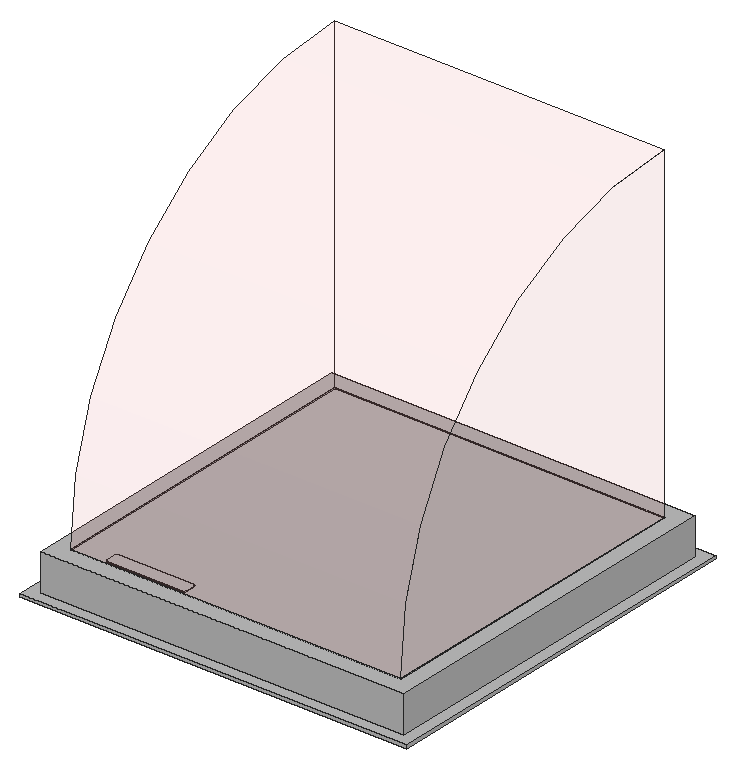
Revit family "Door_Access_Floor_Best_Access_Doors_BA-WTFD", category Specialty Equipment, host Face, Revit 2017
Family settings
  Host = Face
  Round Connector Dimension = Use Diameter
  Part Type = Normal
  Cut with Voids When Loaded = No
  Shared = No
  Room Calculation Point = No
Parameters
  halfswing = (Door Width / 2)  # 1' - 2 1/2"
  Warranty Duration (Years) = 0
  Unit Width = 2' - 0"
  Unit Weight = 0
  Unit Height = 2' - 0"
  Unit Depth = 0' - 3 1/2"
  URL = "https://www.bestaccessdoors.com/"
  Test Data = ""
  Swing Clearance Visible [instance] = yes
  Standards Conformance = "as Specified"
  Specification = ""
  SpecWizard = ""
  SingleSwing [instance] = and(Single Leaf, Swing Clearance Visible)  # yes
  Single Leaf = Unit Width < 4' 0"  # yes
  Sales Information = ""
  Revision = "R1_2017-03"
  Product data url = "https://bimobject.com/best-access-doors/product/watertight-floor-hatch-300lb-sqft-floor-access-door"
  Product Properties = ""
  Product Data = ""
  Overall Width = 2' - 8"
  Overall Height = 2' - 8"
  Opening Width = Unit Width  # 2' - 0"
  Opening Height = Unit Height  # 2' - 0"
  Opening Depth [instance] = 1' - 0"
  Model = "As Specified"
  Manufacturer = "Best Access Doors"  # constant formula
  Maintenance Schedule (Months) = 0
  Keynote = ""
  Installation-Fabrication = ""
  Installation Phase = ""
  Green Building-LEED = ""
  Frame Finish [instance] = Metal - Best Access Doors - Aluminum
  Fixture Finish [instance] = Metal - Best Access Doors - Aluminum Diamond Plated
  Expected Lifespan (Years) = 0
  DoubleSwing [instance] = and(Double Leaf, Swing Clearance Visible)  # no
  Double Leaf = not(Single Leaf)  # no
  Door Width = Overall Width - 0' 3"  # 2' - 5"
  Door Height = Overall Height - 0' 3"  # 2' - 5"
  Description = "Best Access Doors Product as Specified"
  Default Elevation = 0' - 0"  # constant formula
  Construction Details = ""
  Clearance Material [instance] = Clearance
  Clear Opening Width = 1' - 8"
  Clear Opening Height = 2' - 0"
  Capacity = "as Specified"
  Available Options [instance] = "as Specified"
  Assembly Code = ""
Reference planes (in)
  plane 1 "Center (Front/Back)": y = 1.28343
  plane 2: z = 0
  plane 3 "Center (Left/Right)": x = 0
  plane 4: y = 13.28343
  plane 5: y = -10.71657
  plane 6: x = -12
  plane 7: x = 12
  plane 8: z = 0
  plane 9: y = 17.28343
  plane 10: y = -14.71657
  plane 11: x = -16
  plane 12: x = 16
  plane 13: z = -3.5
  plane 14: x = -12
  plane 15: x = 12
  plane 16: y = 13.28343
  plane 17: y = -10.71657
  plane 18: z = -12
  plane 19: y = 15.78343
  plane 20: y = -13.21657
  plane 21: x = -14.5
  plane 22: x = 14.5
Forms (in)
  Extrusion 1, void
    sketch origin (0, 0, 0) x (1, 0, 0) y (0, 1, 0)
      loop
        line (-12, 13.28343) -> (-12, -10.71657) -> (12, -10.71657) -> (12, 13.28343) -> (-12, 13.28343)
    from -12 to 0
  Extrusion 2, void
    sketch origin (0, 0, 0) x (1, 0, 0) y (0, 1, 0)
      loop
        line (-16, 17.28343) -> (-16, -14.71657) -> (16, -14.71657) -> (16, 17.28343) -> (-16, 17.28343)
    from 0 to -3.5
  Sweep 3, solid, material "Metal - Best Access Doors - Aluminum" <- "Frame Finish"
    path origin (0, 0, 0) x (1, 0, 0) y (0, 1, 0)
      loop
        line (-16, 17.28343) -> (-16, -14.71657) -> (16, -14.71657) -> (16, 17.28343) -> (-16, 17.28343)
    profile origin (0, 17.28343, 0) x (0, 1, 0) y (0, 0, 1)
      loop
        line (0, 0) -> (-1.5, 0) -> (-1.5, -0.25) -> (-0.25, -0.25) -> (-0.25, -3.25) -> (-3.75, -3.25) -> (-3.75, -0.25) -> (-4, -0.25) -> (-4, -3.5) -> (1, -3.5) -> (1, -3.25) -> (0, -3.25) -> (0, 0)
  Extrusion 4, solid, material "Metal - Best Access Doors - Aluminum Diamond Plated" <- "Fixture Finish", visible <- "Single Leaf"
    sketch origin (0, 0, 0) x (1, 0, 0) y (0, 1, 0)
      loop
        line (-14.5, 15.78343) -> (-14.5, -13.21657) -> (14.5, -13.21657) -> (14.5, 15.78343) -> (-14.5, 15.78343)
    from 0 to -0.25
  Extrusion 5, solid, material "Metal - Best Access Doors - Aluminum" <- "Frame Finish", visible <- "Single Leaf"
    sketch origin (0, 0, 0) x (1, 0, 0) y (0, 1, 0)
      loop
        arc (-11.44431, -11.76889) -> (-11.62109, -11.84211) -> (-11.69431, -12.01889) r 0.25
        line (-11.69431, -12.01889) -> (-11.69431, -12.76889)
        arc (-11.69431, -12.76889) -> (-11.62109, -12.94567) -> (-11.44431, -13.01889) r 0.25
        line (-11.44431, -13.01889) -> (-4.94431, -13.01889)
        arc (-4.94431, -13.01889) -> (-4.76754, -12.94567) -> (-4.69431, -12.76889) r 0.25
        line (-4.69431, -12.76889) -> (-4.69431, -12.01889)
        arc (-4.69431, -12.01889) -> (-4.76754, -11.84211) -> (-4.94431, -11.76889) r 0.25
        line (-4.94431, -11.76889) -> (-11.44431, -11.76889)
    from 0 to -0.25
  Extrusion 6, solid, material "Metal - Best Access Doors - Aluminum" <- "Frame Finish", visible <- "Single Leaf"
    sketch origin (0, 0, 0) x (1, 0, 0) y (0, 1, 0)
      loop
        line (-11.25, 12.53343) -> (-11.25, -9.96489) -> (11.24832, -9.96489) -> (11.24832, 12.53343) -> (-11.25, 12.53343)
    from -1.75 to -0.25
  Extrusion 7, solid, material "Metal - Best Access Doors - Aluminum Diamond Plated" <- "Fixture Finish", visible <- "Double Leaf"
    sketch origin (0, 0, 0) x (1, 0, 0) y (0, 1, 0)
      loop
        line (-14.5, 15.78343) -> (-14.5, -13.21657) -> (0, -13.21657) -> (0, 15.78343) -> (-14.5, 15.78343)
    from 0 to -0.25
  Extrusion 8, solid, material "Metal - Best Access Doors - Aluminum Diamond Plated" <- "Fixture Finish", visible <- "Double Leaf"
    sketch origin (0, 0, 0) x (-1, 0, 0) y (0, -1, 0)
      loop
        line (-14.5, -15.78343) -> (0, -15.78343) -> (0, 13.21657) -> (-14.5, 13.21657) -> (-14.5, -15.78343)
    from 0 to -0.25
  Extrusion 9, solid, material "Metal - Best Access Doors - Aluminum" <- "Frame Finish", visible <- "Double Leaf"
    sketch origin (0, 0, 0) x (1, 0, 0) y (0, 1, 0)
      loop
        line (-11.25, 12.53343) -> (-11.25, -9.96489) -> (0, -9.96489) -> (0, 12.53343) -> (-11.25, 12.53343)
    from -1.75 to -0.25
  Extrusion 10, solid, material "Metal - Best Access Doors - Aluminum" <- "Frame Finish", visible <- "Double Leaf"
    sketch origin (0, 0, 0) x (-1, 0, 0) y (0, -1, 0)
      loop
        line (-11.25, -12.53343) -> (0, -12.53343) -> (0, 9.96489) -> (-11.25, 9.96489) -> (-11.25, -12.53343)
    from -1.75 to -0.25
  Extrusion 11, solid, material "Metal - Best Access Doors - Aluminum" <- "Frame Finish", visible <- "Double Leaf"
    sketch origin (2.19992, 0, 0) x (1, 0, 0) y (0, 1, 0)
      loop
        arc (-12.44992, -11.76889) -> (-12.62669, -11.84211) -> (-12.69992, -12.01889) r 0.25
        line (-12.69992, -12.01889) -> (-12.69992, -12.76889)
        arc (-12.69992, -12.76889) -> (-12.62669, -12.94567) -> (-12.44992, -13.01889) r 0.25
        line (-12.44992, -13.01889) -> (-5.94992, -13.01889)
        arc (-5.94992, -13.01889) -> (-5.77314, -12.94567) -> (-5.69992, -12.76889) r 0.25
        line (-5.69992, -12.76889) -> (-5.69992, -12.01889)
        arc (-5.69992, -12.01889) -> (-5.77314, -11.84211) -> (-5.94992, -11.76889) r 0.25
        line (-5.94992, -11.76889) -> (-12.44992, -11.76889)
      loop
        line (8.05008, -11.76889) -> (1.55008, -11.76889)
        arc (1.55008, -11.76889) -> (1.37331, -11.84211) -> (1.30008, -12.01889) r 0.25
        line (1.30008, -12.01889) -> (1.30008, -12.76889)
        arc (1.30008, -12.76889) -> (1.37331, -12.94567) -> (1.55008, -13.01889) r 0.25
        line (1.55008, -13.01889) -> (8.05008, -13.01889)
        arc (8.05008, -13.01889) -> (8.22686, -12.94567) -> (8.30008, -12.76889) r 0.25
        line (8.30008, -12.76889) -> (8.30008, -12.01889)
        arc (8.30008, -12.01889) -> (8.22686, -11.84211) -> (8.05008, -11.76889) r 0.25
    from 0 to -0.25
  Extrusion 12, solid, material "Clearance" <- "Clearance Material", visible <- "SingleSwing"
    sketch origin (0, 0, 0) x (0, 1, 0) y (0, 0, 1)
      loop
        arc (15.78343, 29) -> (-4.72267, 20.5061) -> (-13.21657, 0) r 29
        line (-13.21657, 0) -> (15.78343, 0) -> (15.78343, 29)
    from -14.5 to 14.5
  Extrusion 13, solid, material "Clearance" <- "Clearance Material", visible <- "DoubleSwing"
    sketch origin (0, 1.28343, 0) x (1, 0, 0) y (0, 0, 1)
      loop
        arc (0, 0) -> (-4.24695, 10.25305) -> (-14.5, 14.5) r 14.5
        line (-14.5, 14.5) -> (-14.5, 0) -> (0, 0)
    from -14.5 to 14.5
  Extrusion 14, solid, material "Clearance" <- "Clearance Material", visible <- "DoubleSwing"
    sketch origin (0, 1.28343, 0) x (-1, 0, 0) y (0, 0, -1)
      loop
        line (0, 0) -> (-14.5, 0) -> (-14.5, -14.5)
        arc (-14.5, -14.5) -> (-4.24695, -10.25305) -> (0, 0) r 14.5
    from -14.5 to 14.5
Lines and regions (in)
  model lines, visible <- "Single Leaf"
    curve 1: line (-14.5, -13.21657, 0) -> (0, 15.78343, 0)
    curve 2: line (0, 15.78343, 0) -> (14.5, -13.21657, 0)
  model lines, visible <- "Double Leaf"
    curve 3: line (0, 15.78343, 0) -> (-14.5, 1.28343, 0)
    curve 4: line (-14.5, 1.28343, 0) -> (0, -13.21657, 0)
    curve 5: line (0, -13.21657, 0) -> (14.5, 1.28343, 0)
    curve 6: line (14.5, 1.28343, 0) -> (0, 15.78343, 0)
Dimensions and locks (in)
  locked: plane 8 to level
  equal spacing: plane 4, plane 1 "Center (Front/Back)", plane 5
  "Unit Height": plane 4 to plane 5
  equal spacing: plane 6, plane 3 "Center (Left/Right)", plane 7
  "Unit Width": plane 6 to plane 7
  equal spacing: plane 11, plane 3 "Center (Left/Right)", plane 12
  equal spacing: plane 9, plane 1 "Center (Front/Back)", plane 10
  "Overall Width": plane 11 to plane 12
  "Overall Height": plane 9 to plane 10
  "Unit Depth": plane 8 to plane 13
  equal spacing: plane 16, plane 1 "Center (Front/Back)", plane 17
  equal spacing: plane 14, plane 3 "Center (Left/Right)", plane 15
  "Opening Width": plane 14 to plane 15
  "Opening Height": plane 16 to plane 17
  "Opening Depth": level to plane 18
  locked: plane 11 to Extrusion 4 sketch curve at 1.5
  locked: plane 9 to Extrusion 4 sketch curve at 1.5
  locked: Extrusion 4 sketch curve to plane 12 at 1.5
  locked: Extrusion 4 sketch curve to plane 10 at 1.5
  Extrusion 5 sketch curve to Extrusion 5 sketch curve to plane 10 = 0' - 1 1/4" locked, 0' - 1.69768" locked
  plane 11 to Extrusion 5 sketch curve to Extrusion 5 sketch curve = 0' - 4.30569" locked, 0' - 7" locked
  locked: Extrusion 6 sketch curve to plane 15 at 0.75168
  locked: plane 14 to Extrusion 6 sketch curve at 0.75
  locked: plane 16 to Extrusion 6 sketch curve at 0.75
  locked: Extrusion 6 sketch curve to plane 17 at 0.75168
  locked: plane 9 to Extrusion 8 sketch curve at 1.5
  locked: Extrusion 8 sketch curve to plane 12 at 1.5
  locked: Extrusion 8 sketch curve to plane 10 at 1.5
  locked: plane 9 to Extrusion 7 sketch curve at 1.5
  locked: Extrusion 7 sketch curve to plane 10 at 1.5
  locked: plane 11 to Extrusion 7 sketch curve at 1.5
  locked: plane 9 to plane 19 at 1.5
  locked: plane 20 to plane 10 at 1.5
  locked: plane 11 to plane 21 at 1.5
  locked: plane 22 to plane 12 at 1.5
  locked: plane 16 to Extrusion 9 sketch curve at 0.75
  locked: Extrusion 9 sketch curve to plane 17 at 0.75168
  locked: plane 14 to Extrusion 9 sketch curve at 0.75
  locked: plane 16 to Extrusion 10 sketch curve at 0.75
  locked: Extrusion 10 sketch curve to plane 17 at 0.75168
  locked: Extrusion 10 sketch curve to plane 15 at 0.75
  locked: Extrusion 11 sketch curve to Extrusion 11 sketch curve at 1.25  (x2)
  locked: Extrusion 11 sketch curve to Extrusion 11 sketch curve at 7  (x2)
  locked: Extrusion 11 sketch curve to plane 3 "Center (Left/Right)" at 3.5
  locked: plane 3 "Center (Left/Right)" to Extrusion 11 sketch curve at 3.5
  locked: plane 20 to Extrusion 11 sketch curve at 0.19768  (x2)
  "Door Height": radius of Extrusion 12 sketch curve
  "halfswing": radius of Extrusion 13 sketch curve
  "halfswing": radius of Extrusion 14 sketch curve
  aligned and locked: host face to plane 2
  aligned and locked: host face to level
  aligned and locked: Extrusion 1 sketch curve to plane 16
  aligned and locked: plane 14 to Extrusion 1 sketch curve
  aligned and locked: plane 17 to Extrusion 1 sketch curve
  aligned and locked: Extrusion 1 sketch curve to plane 15
  aligned and locked: Extrusion 1 to plane 18
  aligned and locked: plane 8 to Extrusion 1
  aligned and locked: Extrusion 2 sketch curve to plane 9
  aligned and locked: plane 11 to Extrusion 2 sketch curve
  aligned and locked: plane 10 to Extrusion 2 sketch curve
  aligned and locked: Extrusion 2 sketch curve to plane 12
  aligned and locked: Sweep 3 sketch curve to plane 9
  aligned and locked: plane 11 to Sweep 3 sketch curve
  aligned and locked: plane 10 to Sweep 3 sketch curve
  aligned and locked: Sweep 3 sketch curve to plane 12
  aligned and locked: Extrusion 8 sketch curve to plane 3 "Center (Left/Right)"
  aligned and locked: Extrusion 7 sketch curve to plane 3 "Center (Left/Right)"
  aligned and locked: plane 19 to curve 6
  aligned and locked: plane 3 "Center (Left/Right)" to curve 3
  aligned and locked: plane 3 "Center (Left/Right)" to curve 5
  aligned and locked: plane 20 to curve 4
  aligned and locked: plane 21 to curve 4
  aligned and locked: plane 1 "Center (Front/Back)" to curve 4
  aligned and locked: plane 1 "Center (Front/Back)" to curve 6
  aligned and locked: plane 22 to curve 6
  aligned and locked: Extrusion 9 sketch curve to plane 3 "Center (Left/Right)"
  aligned and locked: Extrusion 10 sketch curve to plane 3 "Center (Left/Right)"
  aligned and locked: Extrusion 12 sketch curve to plane 19
  aligned and locked: plane 21 to Extrusion 12
  aligned and locked: Extrusion 12 to plane 22
  aligned and locked: Extrusion 13 sketch curve to plane 21
  aligned and locked: Extrusion 14 sketch curve to plane 22
  aligned and locked: plane 20 to Extrusion 14
  aligned and locked: plane 20 to Extrusion 13
  aligned and locked: Extrusion 14 to plane 19
  aligned and locked: Extrusion 13 to plane 19
Automatic sketch dimensions
  host sketch curve to host sketch curve = 12' - 11.75605"
  host sketch curve to host sketch curve = 12' - 7.74281"
  Sweep 3 sketch curve to level = 0' - 0"
  Sweep 3 sketch curve to profile plane = 0' - 0"
  profile plane to Sweep 3 sketch curve = 0' - 0 1/4"
  Sweep 3 sketch curve to level = 0' - 0 1/4"  (x2)
  Sweep 3 sketch curve to Sweep 3 sketch curve = 0' - 1 1/4"
  Sweep 3 sketch curve to Sweep 3 sketch curve = 0' - 3 1/2"
  Sweep 3 sketch curve to Sweep 3 sketch curve = 0' - 0 1/4"  (x2)
  Sweep 3 sketch curve to profile plane = 0' - 1"
  Sweep 3 sketch curve to Sweep 3 sketch curve = 0' - 3"
  Sweep 3 sketch curve to Sweep 3 sketch curve = 0' - 0"
  Extrusion 5 sketch curve to Extrusion 5 sketch curve = 0' - 0 1/4"  (x4)
  curve 1 to Extrusion 4 = 0' - 0"  (x2)
  curve 2 to Extrusion 4 = 0' - 0"  (x2)
  Extrusion 4 to curve 2 = 0' - 0"
  curve 2 to Extrusion 4 = 1' - 2 1/2"
  Extrusion 11 sketch curve to Extrusion 11 sketch curve = 0' - 0 1/4"  (x8)
  Extrusion 12 sketch curve to level = 0' - 0"
  Extrusion 12 sketch curve to plane 20 = 0' - 0"
  Extrusion 13 sketch curve to level = 0' - 0"  (x2)
  Extrusion 14 sketch curve to level = 0' - 0"  (x2)
